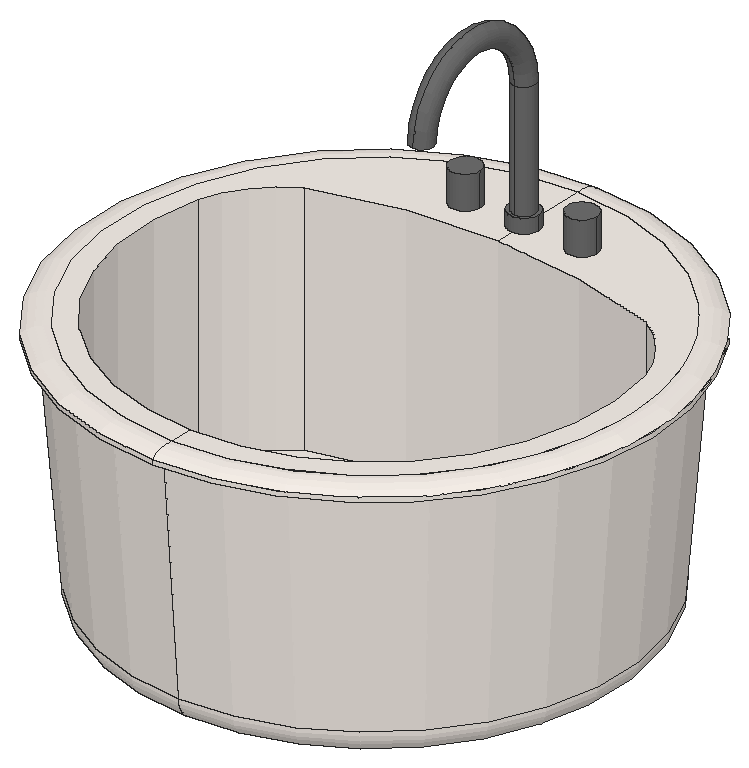
Revit family "Sink Vanity-Round (M)", category 위생기구, Revit 2026
Family settings
  원형 커넥터 치수 = 지름 사용
  부품 유형 = 보통
  작업 기준면 기반 = 아니오
  뷰에서 절단 사용 = 아니오
  항상 수직 = 예
  로드될 때 보이드를 사용하여 절단 = 아니오
  주석 방향 유지 = 아니오
  공유 = 예
  룸 계산 점 = 아니오
Parameters (values of type "482 x 482mm")
  기본 높이 = 0.00 mm
  Basin Material = Porcelain - Linen
  Fixture Material = Metal - Steel, Polished
  Top Of Counter = 750.09 mm
Reference planes
  plane 1: z = 0
  plane 2 "Center (Left/Right)": x = 96.652
  plane 3: z = 750.09
  plane 4: z = 759.615
  plane 5: x = -144.648
  plane 6: x = 337.952
  plane 7: y = 85.168
  plane 8: y = 326.468
  plane 9: y = -156.132
  plane 10: y = 136.253
  plane 11 "cold": x = 147.452
  plane 12 "hot": x = 45.852
  plane 13: y = 247.093
  plane 14 "sweep": x = 96.652
  plane 15: y = 247.093
  plane 16: z = 788.19
  plane 17: z = 534.19
  plane 18: z = 771.85
Forms (mm)
  Revolve 1, solid, material "Porcelain - Linen" <- "Basin Material"
    sketch origin (96.652, 0, 0) x (0, 1, 0) y (0, 0, 1)
      loop
        line (326.468, 750.09) -> (326.468, 754.059)
        arc (326.468, 754.059) -> (316.651, 758.914) -> (305.722, 759.615) r 27.884
        line (305.722, 759.615) -> (85.168, 759.615) -> (85.168, 534.19) -> (277.462, 534.19)
        arc (277.462, 534.19) -> (292.221, 540.434) -> (298.018, 555.374) r 20.566
        line (298.018, 555.374) -> (314.561, 750.09) -> (326.468, 750.09)
      axis (85.168, 759.615) -> (85.168, 534.19)
    angle from 0 to 360
  Extrusion 2, solid
    sketch origin (0, 0, 0) x (1, 0, 0) y (0, 1, 0)
      loop
        circle (96.652, 85.168) r 20.637
    from 555.374 to 534.19
  Extrusion 3, solid, material "Metal - Steel, Polished" <- "Fixture Material"
    sketch origin (0, 0, 0) x (1, 0, 0) y (0, 1, 0)
      loop
        circle (147.452, 247.093) r 12.7
    from 788.19 to 759.615
  Extrusion 4, solid, material "Metal - Steel, Polished" <- "Fixture Material"
    sketch origin (-101.6, 0, 0) x (1, 0, 0) y (0, 1, 0)
      loop
        circle (147.452, 247.093) r 12.7
    from 788.19 to 759.615
  Extrusion 5, solid, material "Metal - Steel, Polished" <- "Fixture Material"
    sketch origin (-50.8, 0, 0) x (1, 0, 0) y (0, 1, 0)
      loop
        circle (147.452, 247.093) r 12.7
    from 759.615 to 771.85
  Sweep 6, solid, material "Metal - Steel, Polished" <- "Fixture Material"
    path origin (96.652, 0, 0) x (0, -1, 0) y (0, 0, 1)
      loop
        line (-247.093, 759.615) -> (-247.093, 872.328)
        arc (-247.093, 872.328) -> (-191.673, 927.748) -> (-136.253, 872.328) r 55.42
    profile origin (96.652, 0, 815.971) x (0, 1, 0) y (-1, 0, 0)
      loop
        circle (247.093, 0) r 9.525
  Extrusion 7, void
    sketch origin (0, 0, 0) x (1, 0, 0) y (0, 1, 0)
      loop
        arc (-52.153, 194.086) -> (-80.443, 169.371) -> (-98.17, 136.253) r 104.55
        arc (-98.17, 136.253) -> (96.652, -116.241) -> (291.474, 136.253) r 201.408
        arc (291.474, 136.253) -> (273.746, 169.371) -> (245.457, 194.086) r 104.55
        arc (245.457, 194.086) -> (96.652, 219.266) -> (-52.153, 194.086) r 452.283
    from 759.615 to 555.374
Cuts and joins
  Extrusion 7 cuts Revolve 1
  Extrusion 7 cuts Extrusion 2
  Extrusion 7 cuts Extrusion 3
  Extrusion 7 cuts Extrusion 4
  Extrusion 7 cuts Extrusion 5
  Extrusion 7 cuts Sweep 6
  joined: Extrusion 5, Sweep 6
Lines and regions (mm)
  symbolic lines
    curve 1: arc (337.952, 85.168, 0) -> (96.652, 326.468, 0) -> (-144.648, 85.168, 0) r 241.3
    curve 2: arc (-144.648, 85.168, 0) -> (96.652, -156.132, 0) -> (337.952, 85.168, 0) r 241.3
    curve 3: arc (117.289, 85.168, 0) -> (96.652, 105.805, 0) -> (76.014, 85.168, 0) r 20.637
    curve 4: arc (76.014, 85.168, 0) -> (96.652, 64.53, 0) -> (117.289, 85.168, 0) r 20.637
    curve 5: arc (160.152, 247.093, 0) -> (147.452, 259.793, 0) -> (134.752, 247.093, 0) r 12.7
    curve 6: arc (134.752, 247.093, 0) -> (147.452, 234.393, 0) -> (160.152, 247.093, 0) r 12.7
    curve 7: arc (106.177, 247.093, 0) -> (96.652, 256.618, 0) -> (87.127, 247.093, 0) r 9.525
    curve 8: arc (58.552, 247.093, 0) -> (45.852, 259.793, 0) -> (33.152, 247.093, 0) r 12.7
    curve 9: arc (33.152, 247.093, 0) -> (45.852, 234.393, 0) -> (58.552, 247.093, 0) r 12.7
    curve 10: arc (-98.17, 136.253, 0) -> (96.652, -116.241, 0) -> (291.474, 136.253, 0) r 201.408
    curve 11: arc (-98.17, 136.253, 0) -> (-80.443, 169.371, 0) -> (-52.153, 194.086, 0) r 104.55
    curve 12: arc (291.474, 136.253, 0) -> (273.746, 169.371, 0) -> (245.457, 194.086, 0) r 104.55
    curve 13: arc (-52.153, 194.086, 0) -> (16.5, 212.107, 0) -> (87.127, 219.166, 0) r 452.283
    curve 14: line (87.127, 247.093, 0) -> (87.127, 136.253, 0)
    curve 15: line (106.177, 247.093, 0) -> (106.177, 136.253, 0)
    curve 16: arc (87.127, 136.253, 0) -> (96.652, 126.728, 0) -> (106.177, 136.253, 0) r 9.525
    curve 17: arc (106.177, 219.166, 0) -> (176.804, 212.107, 0) -> (245.457, 194.086, 0) r 452.283
Dimensions and locks
  locked: plane 4 to plane 3 at 9.525
  locked: plane 5 to plane 2 "Center (Left/Right)" at 241.3
  locked: plane 2 "Center (Left/Right)" to plane 6 at 241.3
  plane 7 to plane 8 = 241.30 mm
  plane 9 to plane 7 = 241.30 mm
  plane 1 to plane 3 = 750.09 mm
  locked: plane 12 "hot" to plane 2 "Center (Left/Right)" at 50.8
  locked: plane 2 "Center (Left/Right)" to plane 11 "cold" at 50.8
  locked: plane 13 to plane 8 at 79.375
  "Top Of Counter": plane 3 to plane 1
  locked: plane 16 to plane 3 at 38.1
  locked: plane 3 to plane 17 at 215.9
  plane 18 to plane 4 = 12.235 mm
  aligned and locked: plane 16 to Extrusion 3
  aligned and locked: plane 4 to Extrusion 3
  aligned and locked: Extrusion 3 to Extrusion 4
  aligned and locked: plane 4 to Extrusion 4
  aligned and locked: Revolve 1 sketch curve to plane 17
  aligned and locked: Extrusion 7 to Revolve 1
  aligned and locked: Extrusion 7 to plane 4
  aligned and locked: Extrusion 2 to cut or joined group of Revolve 1, Extrusion 7
  aligned and locked: plane 17 to Extrusion 2
  aligned and locked: Extrusion 5 to plane 18
  aligned and locked: plane 4 to Extrusion 5
Automatic sketch dimensions
  Extrusion 2 sketch curve to plane 7 = 0.00 mm
  Extrusion 2 sketch curve to plane 2 "Center (Left/Right)" = 0.00 mm
  Extrusion 2 sketch curve to plane 2 "Center (Left/Right)" = 20.637 mm
  Extrusion 3 sketch curve to plane 13 = 0.00 mm
  Extrusion 3 sketch curve to plane 11 "cold" = 0.00 mm
  Extrusion 3 sketch curve to Extrusion 3 sketch curve = 12.70 mm
  Extrusion 4 sketch curve to Extrusion 4 sketch curve = 12.70 mm
  Extrusion 4 sketch curve to plane 13 = 0.00 mm
  Extrusion 4 sketch curve to plane 11 "cold" = 101.60 mm
  Extrusion 5 sketch curve to Extrusion 5 sketch curve = 12.70 mm
  Extrusion 5 sketch curve to plane 13 = 0.00 mm
  Extrusion 5 sketch curve to plane 11 "cold" = 50.80 mm
  Sweep 6 sketch curve to plane 13 = 0.00 mm
  Sweep 6 sketch curve to plane 10 = 0.00 mm
  Sweep 6 sketch curve to plane 4 = 0.00 mm
  Sweep 6 sketch curve to plane 3 = 122.237 mm
  Sweep 6 sketch curve to plane 14 "sweep" = 0.00 mm
  Sweep 6 sketch curve to profile plane = 0.00 mm
  profile plane to Sweep 6 sketch curve = 9.525 mm
  Revolve 1 sketch curve to plane 7 = 0.00 mm  (x2)
  Revolve 1 sketch curve to level = 0.00 mm
  Revolve 1 sketch curve to plane 4 = 0.00 mm  (x2)
  Revolve 1 sketch curve to plane 3 = 0.00 mm
  Revolve 1 sketch curve to plane 8 = 0.00 mm
  plane 8 to Revolve 1 sketch curve = 49.006 mm
  Revolve 1 sketch curve to Revolve 1 sketch curve = 20.556 mm
  plane 8 to Revolve 1 sketch curve = 20.745 mm
  Revolve 1 sketch curve to Revolve 1 sketch curve = 17.03 mm
  plane 8 to Revolve 1 sketch curve = 11.906 mm
  Revolve 1 sketch curve to Revolve 1 sketch curve = 20.566 mm
  Revolve 1 sketch curve to Revolve 1 sketch curve = 18.111 mm
  Extrusion 7 sketch curve to plane 10 = 0.00 mm  (x2)
  Extrusion 7 sketch curve to plane 2 "Center (Left/Right)" = 0.00 mm  (x2)
  Extrusion 7 sketch curve to plane 7 = 0.00 mm
  Extrusion 7 sketch curve to plane 7 = 19.108 mm  (x2)
  Extrusion 7 sketch curve to plane 2 "Center (Left/Right)" = 95.283 mm
  Extrusion 7 sketch curve to Extrusion 7 sketch curve = 53.522 mm
  Extrusion 7 sketch curve to Extrusion 7 sketch curve = 46.017 mm
  plane 2 "Center (Left/Right)" to Extrusion 7 sketch curve = 95.283 mm
  plane 9 to Extrusion 7 sketch curve = 76.885 mm
  curve 2 to plane 5 = 0.00 mm
  curve 10 to plane 10 = 0.00 mm
  curve 9 to plane 13 = 0.00 mm
  curve 9 to plane 12 "hot" = 0.00 mm
  curve 3 to plane 7 = 0.00 mm
  curve 14 to plane 13 = 0.00 mm
  curve 16 to plane 10 = 0.00 mm
  curve 16 to plane 2 "Center (Left/Right)" = 0.00 mm
  curve 13 to plane 2 "Center (Left/Right)" = 0.00 mm
  curve 4 to plane 2 "Center (Left/Right)" = 0.00 mm
  curve 1 to plane 2 "Center (Left/Right)" = 0.00 mm
  curve 10 to plane 2 "Center (Left/Right)" = 0.00 mm
  curve 17 to plane 2 "Center (Left/Right)" = 0.00 mm
  curve 6 to plane 13 = 0.00 mm
  curve 6 to plane 11 "cold" = 0.00 mm
  curve 12 to plane 10 = 0.00 mm
  curve 2 to plane 7 = 0.00 mm
  curve 10 to plane 7 = 0.00 mm
  curve 10 to plane 5 = 46.478 mm
  curve 11 to plane 10 = 57.834 mm
  curve 10 to curve 11 = 46.017 mm
  curve 11 to plane 7 = 19.108 mm
  curve 9 to curve 8 = 12.70 mm
  curve 3 to plane 2 "Center (Left/Right)" = 20.637 mm
  curve 14 to plane 2 "Center (Left/Right)" = 9.525 mm
  curve 6 to curve 5 = 12.70 mm
  curve 12 to plane 7 = 19.108 mm
  curve 3 to curve 12 = 74.645 mm
  curve 17 to curve 10 = 46.017 mm
  plane 9 to curve 17 = 76.885 mm
  curve 13 to curve 17 = 0.00 mm
